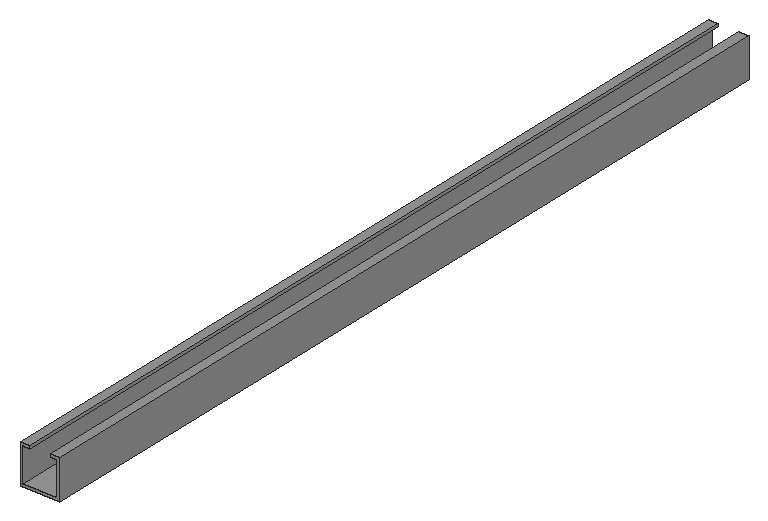
Revit family "Profilschiene gelocht_Schlitzweite 22mm", category Generic Models, Revit 2015
Parameters (values of type "MS4141P0900FT")
  URL = "http://www.obo-bettermann.com"
  Material Thickness = 2.5 mm
  Material = Steel, Galvanized
  Manufacturer Art.No. = "1122584"
  Manufacturer = "OBO Bettermann"
  Lenght = 900 mm
  GTIN = "4012195487159"
  Article Type = "MS4141P0900FT"
Types (33, lengths in mm): name | Material Thickness | Manufacturer Art.No. | Lenght | GTIN | Article Type
  (no name) | 2.5 | "1122584" | 900 | "4012195487159" | "MS4141P0900FT"
  MSL4141P3000FS | 2 | "1122972" | 3000 | "4012195698159" | "MSL4141P3000FS"
  MSL4141P1000FS | 2 | "1122970" | 1000 | "4012195698142" | "MSL4141P1000FS"
  MSL4141P6000FS | 2 | "1122974" | 6000 | "4012195698166" | "MSL4141P6000FS"
  MSL4141PP1000FS | 2 | "1123008" | 1000 | "4012195697923" | "MSL4141PP1000FS"
  MSL4141PP3000FS | 2 | "1123010" | 3000 | "4012195698319" | "MSL4141PP3000FS"
  MSL4141PP6000FS | 2 | "1123012" | 6000 | "4012195698326" | "MSL4141PP6000FS"
  MSL4141P1000FT | 2 | "1122962" | 1000 | "4012195698081" | "MSL4141P1000FT"
  MSL4141P3000FT | 2 | "1122964" | 3000 | "4012195698098" | "MSL4141P3000FT"
  MSL4141P6000FT | 2 | "1122966" | 6000 | "4012195698104" | "MSL4141P6000FT"
  MSL4141PP1000FT | 2 | "1123001" | 1000 | "4012195697862" | "MSL4141PP1000FT"
  MSL4141PP3000FT | 2 | "1123003" | 3000 | "4012195697909" | "MSL4141PP3000FT"
  MSL4141PP6000FT | 2.5 | "1123005" | 6000 | "4012195697916" | "MSL4141PP6000FT"
  MS4141P1000FS | 2.5 | "1122908" | 1000 | "4012195697503" | "MS4141P1000FS"
  MS4141P3000FS | 2.5 | "1122910" | 3000 | "4012195686224" | "MS4141P3000FS"
  MS4141P6000FS | 2.5 | "1122912" | 6000 | "4012195686231" | "MS4141P6000FS"
  MS4141P1000FT | 2.5 | "1122606" | 1000 | "4012195487272" | "MS4141P1000FT"
  MS4141P3000FT | 2.5 | "1122622" | 1000 | "4012195487876" | "MS4141P3000FT"
  MS4141P6000FT | 2.5 | "1122657" | 6000 | "4012195488170" | "MS4141P6000FT"
  MS4141PP1000FS | 2.5 | "1122481" | 1000 | "4012195697978" | "MS4141PP1000FT"
  MS4141PP3000FS | 2.5 | "1122914" | 3000 | "4012195686248" | "MS4141PP3000FT"
  MS4141PP6000FS | 2.5 | "1122916" | 6000 | "4012195686255" | "MS4141PP6000FT"
  MS4141PP1000FT | 2.5 | "1122479" | 1000 | "4012195697961" | "MS4141PP1000FT"
  MS4141PP3000FT | 2.5 | "1122483" | 3000 | "4012195050735" | "MS4141PP3000FT"
  MS4141PP6000FT | 2.5 | "1122487" | 6000 | "4012195050742" | "MS4141PP6000FT"
  MS4141P0200FT | 2.5 | "1122509" | 200 | "4012195484516" | "MS4141P0200FT"
  MS4141P0300FT | 2.5 | "1122517" | 300 | "4012195485896" | "MS4141P0300FT"
  MS4141P0400FT | 2.5 | "1122525" | 400 | "4012195486251" | "MS4141P0400FT"
  MS4141P0500FT | 2.5 | "1122533" | 500 | "4012195486794" | "MS4141P0500FT"
  MS4141P0600FT | 2.5 | "1122541" | 600 | "4012195486916" | "MS4141P0600FT"
  MS4141P0700FT | 2.5 | "1122568" | 700 | "4012195487036" | "MS4141P0700FT"
  MS4141P0800FT | 2.5 | "1122576" | 800 | "4012195487098" | "MS4141P0800FT"
  MS4141P0900FT | 2.5 | "1122584" | 900 | "4012195487159" | "MS4141P0900FT"
Reference planes
  plane 1 "Center (Front/Back)": y = 0
  plane 2: z = 0
  plane 3 "Center (Left/Right)": x = 0
  plane 4: x = 20.5
  plane 5: x = -20.5
  plane 6: z = 41
  plane 7: z = 2.5
  plane 8: x = -18
  plane 9: x = 18
  plane 10: z = 38.5
  plane 11: x = 11
  plane 12: x = -11
  plane 13: y = 900
Forms (mm)
  Extrusion 1, solid, material "Steel, Galvanized" <- "Material"
    sketch origin (0, 0, 0) x (1, 0, 0) y (0, 0, 1)
      loop
        line (11, 38.5) -> (18, 38.5) -> (18, 2.5) -> (-18, 2.5) -> (-18, 38.5) -> (-11, 38.5) -> (-11, 41) -> (-20.5, 41) -> (-20.5, 0) -> (20.5, 0) -> (20.5, 41) -> (11, 41) -> (11, 38.5)
    from 0 to -900
Dimensions and locks
  level to plane 6 = 41 mm
  equal spacing: plane 5, plane 3 "Center (Left/Right)", plane 4
  "Material Thickness": level to plane 7
  "Material Thickness": plane 5 to plane 8
  "Material Thickness": plane 9 to plane 4
  "Material Thickness": plane 10 to plane 6
  equal spacing: plane 12, plane 3 "Center (Left/Right)", plane 11
  locked: plane 5 to plane 4 at 41
  locked: plane 12 to plane 11 at 22
  "Lenght": plane 13 to plane 1 "Center (Front/Back)"
  aligned and locked: level to plane 2
  aligned and locked: Extrusion 1 sketch curve to plane 11
  aligned and locked: Extrusion 1 sketch curve to plane 10  (x2)
  aligned and locked: plane 9 to Extrusion 1 sketch curve
  aligned and locked: plane 7 to Extrusion 1 sketch curve
  aligned and locked: Extrusion 1 sketch curve to plane 8
  aligned and locked: Extrusion 1 sketch curve to plane 12
  aligned and locked: plane 6 to Extrusion 1 sketch curve  (x2)
  aligned and locked: plane 5 to Extrusion 1 sketch curve
  aligned and locked: Extrusion 1 sketch curve to plane 2
  aligned and locked: Extrusion 1 sketch curve to plane 4
  aligned and locked: plane 13 to Extrusion 1
  aligned and locked: plane 1 "Center (Front/Back)" to Extrusion 1
